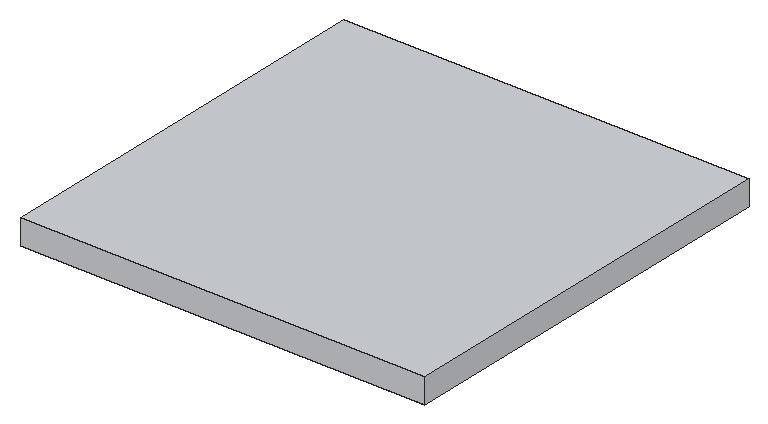
Revit family "CC-Panel", category Generic Models, host Ceiling, Revit 2011
Parameters (values of type "4'x4'")
  Width = 46 3/4"
  URL = "http://www.wengercorp.com/Home/Contact.html"
  Type Comments = "Clip-in"
  Thickness = 2 7/8"
  Part Number = "161F120"
  Manufacturer = "Wengercorperation"
  Keynote = "Wenger Acoustic Ceiling Diffuser Panel"
  Height = 46 3/4"
  Description = "Acoustic Panel"
  2nd Thickness = 2 7/8"
Types (3): name | Width | Height
  (no name) | 46 3/4" | 46 3/4"
  2'x2' | 22 3/4" | 22 3/4"
  4'x4' | 46 3/4" | 46 3/4"
Reference planes (in)
  plane 1 "Center (Front/Back)": y = 0
  plane 2 "Ceiling": z = 96
  plane 3 "Center (Left/Right)": x = 0
  plane 4 "Back": y = -23.375
  plane 5 "Front": y = 23.375
  plane 6 "Right Side": x = 23.375
  plane 7 "Left Side": x = -23.375
  plane 8 "Middle Thickness": z = 93.125
  plane 9 "Bottom Thickness": z = 90.25
  plane 10: x = 16.09375
  plane 11: x = -16.09375
Forms (in)
  Extrusion 1, solid
    sketch origin (0, 0, 96) x (1, 0, 0) y (0, 1, 0)
      loop
        line (-23.375, 23.375) -> (-23.375, -23.375) -> (23.375, -23.375) -> (23.375, 23.375) -> (-23.375, 23.375)
    from 0 to -2.875
  Extrusion 2, solid
    sketch origin (0, 0, 93.125) x (0, -1, 0) y (1, 0, 0)
      loop
        line (-23.375, -23.375) -> (23.375, -23.375) -> (23.375, 23.375) -> (-23.375, 23.375) -> (-23.375, -23.375)
    from 0 to -2.875
  Extrusion 3, void
    sketch origin (0, -23.375, 0) x (-1, 0, 0) y (0, 0, 1)
      loop
        line (23.375, 93.125) -> (16.09375, 90.25) -> (23.375, 90.25) -> (23.375, 93.125)
    from 0 to 46.75 <- "Height"
  Extrusion 4, void
    sketch origin (0.1875, -23.375, 0) x (1, 0, 0) y (0, 0, -1)
      loop
        line (23.1875, -93.125) -> (23.1875, -90.25) -> (15.90625, -90.25) -> (23.1875, -93.125)
    from 0 to 46.75 <- "Height"
  Extrusion 5, void
    sketch origin (23.375, 0, 0) x (0, -1, 0) y (0, 0, 1)
      loop
        arc (23.375, 93.125) -> (11.77557, 90.97145) -> (0, 90.25) r 96.46196
        line (0, 90.25) -> (23.375, 90.25) -> (23.375, 93.125)
    from 0 to 46.75 <- "Width"
  Extrusion 6, void
    sketch origin (23.375, 0, 0) x (0, -1, 0) y (0, 0, 1)
      loop
        line (-23.375, 93.125) -> (-23.375, 90.25) -> (0, 90.25)
        arc (0, 90.25) -> (-11.77557, 90.97145) -> (-23.375, 93.125) r 96.46196
    from 0 to 46.75 <- "Width"
Cuts and joins
  Extrusion 3, Extrusion 4, Extrusion 5, Extrusion 6 cuts Extrusion 1
  Extrusion 3, Extrusion 4, Extrusion 5, Extrusion 6 cuts Extrusion 2
Dimensions and locks (in)
  equal spacing: host sketch curve, plane 3 "Center (Left/Right)", host sketch curve
  equal spacing: host sketch curve, plane 1 "Center (Front/Back)", host sketch curve
  host sketch curve to host sketch curve = 120"  (x2)
  equal spacing: plane 7 "Left Side", plane 3 "Center (Left/Right)", plane 6 "Right Side"
  "Width": plane 7 "Left Side" to plane 6 "Right Side"
  equal spacing: plane 5 "Front", plane 1 "Center (Front/Back)", plane 4 "Back"
  "Height": plane 5 "Front" to plane 4 "Back"
  "Thickness": plane 2 "Ceiling" to plane 8 "Middle Thickness"
  "2nd Thickness": plane 8 "Middle Thickness" to plane 9 "Bottom Thickness"
  locked: plane 7 "Left Side" to plane 11 at 7.28125
  locked: plane 6 "Right Side" to plane 10 at 7.28125
  aligned and locked: plane 6 "Right Side" to Extrusion 1 sketch curve
  aligned and locked: Extrusion 1 sketch curve to plane 5 "Front"
  aligned and locked: Extrusion 1 sketch curve to plane 7 "Left Side"
  aligned and locked: plane 4 "Back" to Extrusion 1 sketch curve
  aligned and locked: Extrusion 2 sketch curve to plane 7 "Left Side"
  aligned and locked: Extrusion 2 sketch curve to plane 5 "Front"
  aligned and locked: plane 6 "Right Side" to Extrusion 2 sketch curve
  aligned and locked: plane 4 "Back" to Extrusion 2 sketch curve
  aligned and locked: plane 9 "Bottom Thickness" to Extrusion 3 sketch curve
  aligned and locked: Extrusion 3 sketch curve to plane 7 "Left Side"
  aligned and locked: plane 6 "Right Side" to Extrusion 4 sketch curve
  aligned and locked: plane 9 "Bottom Thickness" to Extrusion 4 sketch curve
  aligned and locked: Extrusion 5 sketch curve to plane 9 "Bottom Thickness"
  aligned and locked: plane 9 "Bottom Thickness" to Extrusion 6 sketch curve
  aligned: Extrusion 6 sketch curve to plane 5 "Front"
  aligned and locked: plane 4 "Back" to Extrusion 5 sketch curve
  aligned and locked: Extrusion 6 sketch curve to plane 5 "Front"
Automatic sketch dimensions
  Extrusion 3 sketch curve to plane 11 = 0"
  Extrusion 3 sketch curve to plane 8 "Middle Thickness" = 0"
  Extrusion 4 sketch curve to plane 10 = 0"
  Extrusion 4 sketch curve to plane 8 "Middle Thickness" = 0"
  Extrusion 5 sketch curve to plane 8 "Middle Thickness" = 0"
  Extrusion 5 sketch curve to plane 1 "Center (Front/Back)" = 0"
  Extrusion 6 sketch curve to plane 8 "Middle Thickness" = 0"
  Extrusion 6 sketch curve to plane 1 "Center (Front/Back)" = 0"
